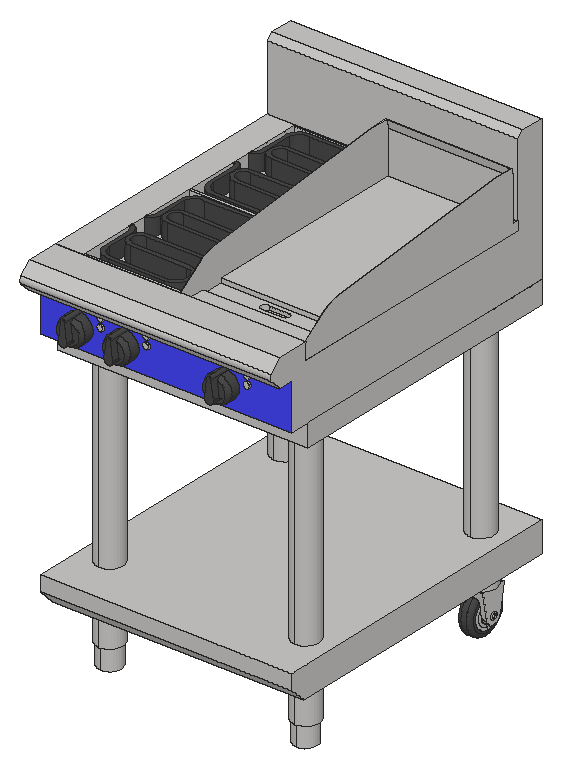
Revit family "QF_MOFFAT_BLUESEAL_CE_E514C-LS", category Specialty Equipment, Revit 2012 (continued)
Definition of nested family "ELECTRIC BURNER & GRIDDLE 600"
  Automatic sketch dimensions
    curve 19 to curve 28 = 27.7 mm
    curve 41 to curve 31 = 27.7 mm
    curve 18 to curve 18 = 0.999 mm
    curve 36 to curve 7 = 0.999 mm
    curve 32 to curve 11 = 0.156 mm
    curve 42 to curve 35 = 0.172 mm
    curve 17 to curve 25 = 0.172 mm
    curve 28 to curve 14 = 0.625 mm
    curve 26 to plane 7 "Center Y" = 53.788 mm
    curve 13 to curve 26 = 0 mm
    plane 1 "BACK" to curve 35 = 9.75 mm
    plane 8 "Center X" to curve 25 = 10.75 mm
    curve 24 to curve 17 = 10 mm
    curve 16 to curve 26 = 27.7 mm
    curve 27 to curve 14 = 17.7 mm
    curve 28 to curve 14 = 0 mm
    curve 20 to curve 28 = 4.516 mm
    curve 20 to curve 22 = 0.447 mm
    curve 22 to curve 20 = 0.123 mm
    curve 12 to curve 30 = 27.7 mm
    curve 20 to curve 39 = 33.826 mm
    curve 39 to curve 38 = 10.393 mm
    curve 38 to curve 40 = 14.296 mm
    curve 31 to curve 32 = 17.7 mm
    curve 32 to curve 10 = 0 mm
    curve 36 to curve 42 = 26.704 mm
    curve 46 to curve 64 = 0 mm  (x2)
    curve 50 to curve 60 = 0 mm  (x2)
    curve 52 to curve 58 = 0 mm  (x2)
    curve 54 to curve 56 = 0 mm  (x2)
    curve 68 to curve 78 = 0 mm  (x2)
    curve 70 to curve 76 = 0 mm  (x2)
    curve 72 to curve 74 = 0 mm  (x2)
    plane 3 "LEFT" to curve 72 = 59.946 mm
    plane 3 "LEFT" to curve 54 = 60.128 mm
    curve 54 to curve 54 = 4.872 mm
    curve 72 to curve 74 = 5.667 mm
    curve 2 to curve 58 = 10.112 mm
    curve 3 to curve 70 = 10.112 mm
    curve 72 to curve 74 = 10 mm
    curve 56 to curve 53 = 10 mm
    curve 53 to curve 58 = 26.701 mm
    curve 75 to curve 70 = 26.701 mm
    curve 52 to curve 52 = 0.999 mm
    curve 52 to curve 61 = 0.999 mm
    curve 74 to curve 65 = 27.7 mm
    curve 76 to plane 8 "Center X" = 14.75 mm
    curve 76 to curve 24 = 0.172 mm
    curve 77 to curve 70 = 0.172 mm
    curve 52 to curve 59 = 0.172 mm
    curve 66 to curve 44 = 1.25 mm
    curve 62 to curve 49 = 1.25 mm
    curve 47 to plane 7 "Center Y" = 53.788 mm
    curve 51 to plane 5 "FRONT" = 25.75 mm
    curve 51 to plane 7 "Center Y" = 53.788 mm
    curve 67 to curve 65 = 0 mm
    curve 59 to curve 52 = 10 mm
    curve 51 to curve 57 = 25.464 mm
    curve 51 to curve 50 = 27.7 mm
    curve 62 to curve 48 = 17.7 mm
    curve 62 to curve 48 = 0 mm
    curve 54 to curve 62 = 4.457 mm
    curve 54 to curve 56 = 0.4 mm
    curve 56 to curve 54 = 0.111 mm
    curve 46 to curve 46 = 27.7 mm
    curve 55 to curve 73 = 33.7 mm
    curve 74 to curve 72 = 10.413 mm
    curve 72 to curve 75 = 14.364 mm
    curve 65 to curve 66 = 17.7 mm
    curve 66 to curve 44 = 0 mm
    curve 70 to curve 76 = 26.704 mm
    Extrusion 1 sketch curve to plane 9 = 0 mm  (x2)
    Extrusion 1 sketch curve to plane 3 "LEFT" = 0 mm
    plane 5 "FRONT" to Extrusion 1 sketch curve = 0 mm
    plane 1 "BACK" to Extrusion 1 sketch curve = 5 mm
    plane 8 "Center X" to Extrusion 1 sketch curve = 4.849 mm
    Extrusion 1 sketch curve to plane 8 "Center X" = 2.751 mm
    Extrusion 1 sketch curve to plane 5 "FRONT" = 5 mm
    Extrusion 1 sketch curve to plane 7 "Center Y" = 5.638 mm  (x2)
    plane 7 "Center Y" to Extrusion 1 sketch curve = 0 mm
    curve 4 to plane 7 "Center Y" = 5.638 mm
    curve 38 to curve 37 = 15.784 mm
    curve 7 to plane 7 "Center Y" = 53.788 mm
    curve 17 to curve 24 = 25.464 mm
    plane 1 "BACK" to curve 81 = 0 mm
    curve 85 to plane 5 "FRONT" = 5 mm
    curve 90 to curve 3 = 0 mm
    curve 89 to plane 7 "Center Y" = 5.638 mm
    plane 8 "Center X" to curve 87 = 4.849 mm
    plane 1 "BACK" to curve 89 = 5 mm
    plane 1 "BACK" to Extrusion 1 sketch curve = 0 mm
    plane 4 "RIGHT" to curve 6 = 65.612 mm
  Nested families
    nested 1: "ELECTRIC GRIDDLE PLATE 300" at (300, -15, 0), type "ELECTRIC GRIDDLE PLATE 300"
      with Width 300 mm, Type Mark "", Status "", Specification by User "", Show Clearance yes, Revision Code "", Number of Poles 1, Mechanical Remarks "", Mechanical Connection Type "", Item Number "", Installed By "", Identify Quantity as Lot yes, Gas RI Height 0 mm, Gas KW 0, Gas Input 0.0 Btu/h, Furnished By "", Foodservice Equipment Identifier yes, Electrical Remarks "", Electric Connection Type "", Elec Conn RI Height 0 mm, Elec Conn Connection Height 0 mm, Depth 620 mm
  Definition of nested family "ELECTRIC GRIDDLE PLATE 300"
    Parameters (values of type "ELECTRIC GRIDDLE PLATE 300")
      Width [instance] = 300 mm
      Weight in Pounds = 0
      Watts = 0 W
      Volts = 0 V
      URL Cutsheet = ""
      Type Mark [instance] = ""
      Status [instance] = ""
      Specification by User [instance] = ""
      Specification by Manufacturer = ""
      Show Clearance [instance] = yes
      Serial Number = ""
      Seismic Rating = ""
      SMACNA No = ""
      Revision Code [instance] = ""
      Phase = 1
      Omniclass Number and Title = ""
      Number of Poles [instance] = 1
      NAFEM Spec ID Number = ""
      Min Ckt Ampacity = 0 A
      Mechanical Remarks [instance] = ""
      Mechanical Connection Type [instance] = ""
      Max Overcurrent Protection = 0 A
      Masterspec = ""
      Item Number [instance] = ""
      Installed By [instance] = ""
      Identify Quantity as Lot [instance] = yes
      HP = ""
      Gas Size = 0"
      Gas RI Height [instance] = 0 mm
      Gas KW [instance] = 0
      Gas Input [instance] = 0.0 Btu/h
      Gas Connection Height = 0 mm
      Furnished By [instance] = ""
      Foodservice Equipment Identifier [instance] = yes
      FL Amps = 0 A
      Electrical Remarks [instance] = ""
      Electric Connection Type [instance] = ""
      Elec Conn RI Height [instance] = 0 mm
      Elec Conn Connection Height [instance] = 0 mm
      Depth [instance] = 620 mm
      Cycle = 0 Hz
      Conn Plug = ""
      Conn Conduit = yes
      CSI MasterFormat = ""
      CSI Master Format = ""
      Apparent Power = if(Phase = 3, Volts * FL Amps * 1.73, Volts * FL Amps)  # 0 VA
    Reference planes
      plane 1 "BACK": y = 0
      plane 2: z = 0
      plane 3 "LEFT": x = 0
      plane 4 "RIGHT": x = 300
      plane 5 "FRONT": y = -620
      plane 6 "TOP": z = 142.5
      plane 7 "Center Y": x = 150
      plane 8 "Center X": y = -310
      plane 9: y = -530.997
      plane 10: y = -541.497
      plane 11: y = -503.25
      plane 12: y = -557.737
    Forms (mm)
      Extrusion 1, solid, material "QF_Finishes_Stainless Steel"
        sketch origin (0, 70.003, -874.5) x (0, 1, 0) y (0, 0, 1)
          loop
            line (-70, 875) -> (-70, 997.489) -> (-75.228, 1017) -> (-117.24, 1017) -> (-589.533, 971.523)
            arc (-589.533, 971.523) -> (-614.56, 965.803) -> (-637.306, 953.899) r 100
            line (-637.306, 953.899) -> (-690.003, 917) -> (-690.003, 875) -> (-70, 875)
        from 0 to 1.8
      Extrusion 2, solid, material "QF_Finishes_Stainless Steel"
        sketch origin (600, 70.003, -874.5) x (0, -1, 0) y (0, 0, 1)
          loop
            line (70, 875) -> (690.003, 875) -> (690.003, 917) -> (637.306, 953.899)
            arc (637.306, 953.899) -> (614.56, 965.803) -> (589.533, 971.523) r 100
            line (589.533, 971.523) -> (117.24, 1017) -> (75.228, 1017) -> (70, 997.489) -> (70, 875)
        from 300 to 301.2
      Extrusion 3, solid, material "QF_Finishes_Stainless Steel"
        sketch origin (150, 70.003, -874.5) x (0, 1, 0) y (0, 0, 1)
          loop
            line (-55, 895) -> (-573.253, 895) -> (-573.253, 884.5) -> (-627.74, 884.5) -> (-627.74, 895) -> (-690.003, 895) -> (-690.003, 875) -> (-55, 875) -> (-55, 895)
        from -148.2 to 150
      Extrusion 4, void
        sketch origin (150, -541.497, 10) x (0, -1, 0) y (1, 0, 0)
          loop
            arc (-7.497, 25) -> (-17.497, 35) -> (-27.497, 25) r 10
            line (-27.497, 25) -> (-27.497, -25)
            arc (-27.497, -25) -> (-17.497, -35) -> (-7.497, -25) r 10
            line (-7.497, -25) -> (-7.497, 25)
        from -41.4 to 40.142
      Extrusion 5, solid, material "QF_Finishes_Stainless Steel"
        sketch origin (0, 70.003, -874.5) x (0, 1, 0) y (0, 0, 1)
          loop
            line (-70, 875) -> (-70, 997.489) -> (-75.228, 1017) -> (-76.884, 1017) -> (-71.6, 997.278) -> (-71.6, 875) -> (-70, 875)
        from 0 to 298.8
    Cuts and joins
      Extrusion 4 cuts Extrusion 3
      joined: Extrusion 1, Extrusion 2, Extrusion 3, Extrusion 5
    Lines and regions (mm)
      symbolic lines
        curve 1: line (298.8, -503.25, 0) -> (1.8, -503.25, 0)
        curve 2: line (1.8, -557.737, 0) -> (298.8, -557.737, 0)
        curve 3: line (1.8, -1.68, 0) -> (298.8, -1.68, 0)
        curve 4: line (298.8, -1.68, 0) -> (298.8, -620, 0)
        curve 5: line (1.8, -620, 0) -> (1.8, -1.68, 0)
        curve 6: line (1.8, -620, 0) -> (298.8, -620, 0)
        curve 7: arc (175, -534, 0) -> (185, -524, 0) -> (175, -514, 0) r 10
        curve 8: line (175, -514, 0) -> (125, -514, 0)
        curve 9: arc (125, -514, 0) -> (115, -524, 0) -> (125, -534, 0) r 10
        curve 10: line (125, -534, 0) -> (175, -534, 0)
    Dimensions and locks
      equal spacing: plane 3 "LEFT", plane 7 "Center Y", plane 4 "RIGHT"
      "Width": plane 3 "LEFT" to plane 4 "RIGHT"
      equal spacing: plane 5 "FRONT", plane 8 "Center X", plane 1 "BACK"
      "Depth": plane 5 "FRONT" to plane 1 "BACK"
      locked: Extrusion 2 to Extrusion 2 at 1.2
      equal spacing: Extrusion 4 sketch curve, plane 7 "Center Y", Extrusion 4 sketch curve, locked at 35 each
      aligned and locked: level to plane 2
      aligned and locked: Extrusion 2 to plane 4 "RIGHT"
      aligned and locked: curve 1 to plane 11
      aligned and locked: plane 12 to curve 2
      aligned and locked: Extrusion 5 to cut or joined group of Extrusion 1, Extrusion 2, Extrusion 3, Extrusion 4, Extrusion 5
    Automatic sketch dimensions
      plane 5 "FRONT" to curve 6 = 0 mm
      plane 3 "LEFT" to curve 6 = 1.8 mm
      plane 11 to curve 8 = 10.75 mm
      curve 8 to plane 7 "Center Y" = 25 mm
      plane 7 "Center Y" to curve 7 = 25 mm
      plane 4 "RIGHT" to curve 4 = 1.2 mm
      curve 10 to curve 7 = 20 mm
      plane 1 "BACK" to curve 3 = 1.68 mm
      Extrusion 1 sketch curve to plane 5 "FRONT" = 0 mm
      Extrusion 1 sketch curve to plane 6 "TOP" = 0 mm
      plane 12 to Extrusion 1 sketch curve = 9.566 mm
      plane 11 to Extrusion 1 sketch curve = 16.28 mm
      Extrusion 1 sketch curve to level = 2.516 mm
      plane 11 to Extrusion 1 sketch curve = 6.695 mm
      plane 1 "BACK" to Extrusion 1 sketch curve = 47.237 mm
      plane 1 "BACK" to Extrusion 1 sketch curve = 5.225 mm
      Extrusion 1 sketch curve to plane 1 "BACK" = 0.003 mm
      level to Extrusion 1 sketch curve = 0.5 mm
      Extrusion 1 sketch curve to Extrusion 1 sketch curve = 42 mm
      Extrusion 1 sketch curve to plane 6 "TOP" = 63.101 mm
      Extrusion 1 sketch curve to plane 6 "TOP" = 19.511 mm
      Extrusion 2 sketch curve to plane 6 "TOP" = 0 mm
      Extrusion 2 sketch curve to plane 5 "FRONT" = 0 mm
      plane 12 to Extrusion 2 sketch curve = 9.566 mm
      plane 11 to Extrusion 2 sketch curve = 16.28 mm
      Extrusion 2 sketch curve to level = 2.516 mm
      plane 11 to Extrusion 2 sketch curve = 6.695 mm
      plane 1 "BACK" to Extrusion 2 sketch curve = 47.237 mm
      plane 1 "BACK" to Extrusion 2 sketch curve = 5.225 mm
      Extrusion 2 sketch curve to plane 1 "BACK" = 0.003 mm
      level to Extrusion 2 sketch curve = 0.5 mm
      Extrusion 2 sketch curve to Extrusion 2 sketch curve = 42 mm
      Extrusion 2 sketch curve to plane 6 "TOP" = 63.101 mm
      Extrusion 2 sketch curve to plane 6 "TOP" = 19.511 mm
      Extrusion 3 sketch curve to plane 5 "FRONT" = 0 mm
      Extrusion 3 sketch curve to plane 12 = 0 mm
      Extrusion 3 sketch curve to plane 11 = 0 mm
      Extrusion 3 sketch curve to plane 1 "BACK" = 15.003 mm
      level to Extrusion 3 sketch curve = 0.5 mm
      level to Extrusion 3 sketch curve = 10 mm
      Extrusion 3 sketch curve to Extrusion 3 sketch curve = 10.5 mm  (x2)
      plane 11 to Extrusion 4 sketch curve = 10.75 mm
      Extrusion 4 sketch curve to Extrusion 4 sketch curve = 10 mm
      Extrusion 4 sketch curve to plane 7 "Center Y" = 25 mm
      plane 1 "BACK" to Extrusion 5 sketch curve = 5.225 mm
      Extrusion 5 sketch curve to plane 1 "BACK" = 0.003 mm
      Extrusion 5 sketch curve to plane 6 "TOP" = 19.511 mm
      Extrusion 5 sketch curve to Extrusion 5 sketch curve = 1.6 mm
      Extrusion 5 sketch curve to Extrusion 5 sketch curve = 0.211 mm
      Extrusion 5 sketch curve to plane 6 "TOP" = 0 mm
      Extrusion 5 sketch curve to Extrusion 5 sketch curve = 1.656 mm
      level to Extrusion 5 sketch curve = 0.5 mm
